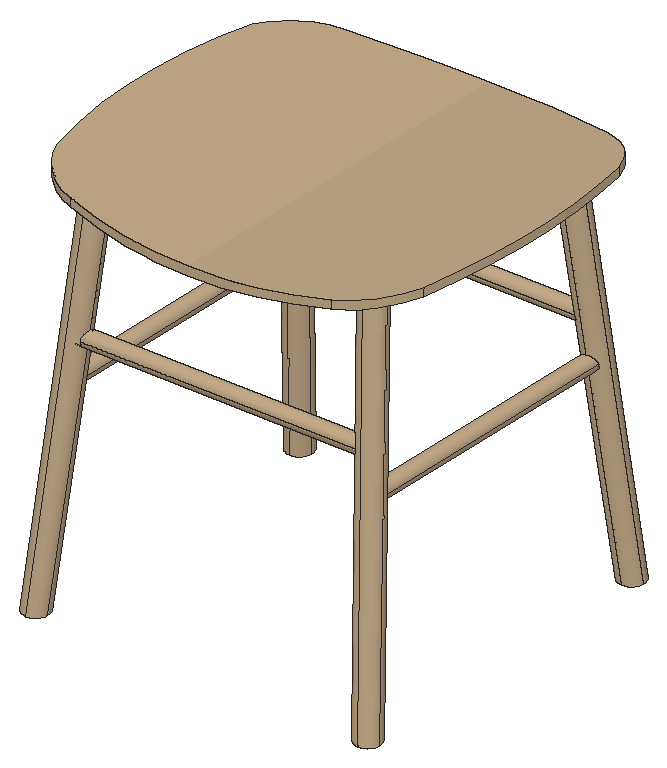
Revit family "FU_Stool_Sandler_Viki 3-17", category Furniture, Revit 2020
Family settings
  OmniClass Number = 23.40.20.00
  OmniClass Title = General Furniture and Specialties
  Work Plane-Based = No
  Always vertical = Yes
  Cut with Voids When Loaded = No
  Shared = No
  Room Calculation Point = No
Parameters (values of type "Viki 3.17")
  Width = 480 mm
  URL = "https://www.sandlerseating.com/product/viki-3-17/"
  Model = "Viki 3.17"
  Manufacturer = "Sandler"
  Height = 480 mm
  Frame [instance] = Wood - Stain - Blonde
  Description = "Stool with wooden seat on a solid beech frame with stretchers."
  Depth = 460 mm
  Default Elevation = 0 mm
Reference planes
  plane 1 "Center (Front/Back)": y = 0
  plane 2: z = 0
  plane 3 "Center (Left/Right)": x = 0
  plane 4 "Right": x = -240
  plane 5 "Left": x = 240
  plane 6 "Back": y = 230
  plane 7 "Front": y = -230
  plane 8 "Height": z = 480
  plane 9 "Seat height": z = 446.985
  plane 10 "Front Stretcher FRONT": z = 295.977
  plane 11 "Cross Stretcher RIGHT": z = 248.269
  plane 12 "Right Leg FRONT": through (-202.346, -1524, 4.255) normal (-0.9971, 0, 0.0759)
  plane 13 "Left Leg FRONT": through (202.346, -1524, 4.255) normal (-0.9971, 0, -0.0759)
  plane 14 "Front Legs RIGHT": through (4267.2, -207.342, 4.506) normal (0, -0.9937, 0.1117)
  plane 15 "Back Legs RIGHT": through (4267.2, 194.007, 4.255) normal (0, -0.9937, -0.1118)
Forms (mm)
  SweptBlend 1, solid, material "Wood - Stain - Blonde" <- "Frame"
    path origin (-201.502, 0, 15.343) x (-0.075926, 0, -0.997113) y (0, -1, 0)
      loop
        line (18.891, 208.293) -> (-444.764, 156.021)
    profile "Pro_Circles : 30mm" origin (-202.936, -208.293, -3.493) x (-0.008506, 0.993705, -0.111705) y (-0.997113, 0, 0.075926)
      loop
        arc (-14.967, 0.067) -> (-10.65, -10.556) -> (-0.067, -14.967) r 14.901
        arc (-0.067, -14.967) -> (10.603, -10.603) -> (14.967, 0.067) r 14.901
        arc (14.967, 0.067) -> (10.556, 10.65) -> (-0.067, 14.967) r 14.9
        arc (-0.067, 14.967) -> (-10.602, 10.602) -> (-14.967, 0.067) r 14.9
    end profile "Pro_Circles : 32mm" origin (-167.733, -156.021, 458.824) x (-0.008506, 0.993705, -0.111705) y (-0.997113, 0, 0.075926)
      loop
        arc (-15.967, 0.067) -> (-11.357, -11.263) -> (-0.067, -15.967) r 15.901
        arc (-0.067, -15.967) -> (11.311, -11.31) -> (15.967, 0.067) r 15.901
        arc (15.967, 0.067) -> (11.263, 11.357) -> (-0.067, 15.967) r 15.9
        arc (-0.067, 15.967) -> (-11.31, 11.31) -> (-15.967, 0.067) r 15.9
  SweptBlend 2, solid, material "Wood - Stain - Blonde" <- "Frame"
    path origin (-201.502, 0, 15.343) x (-0.075926, 0, -0.997113) y (0, -1, 0)
      loop
        line (21.919, -195.234) -> (-445.119, -142.551)
    profile "Pro_Circles : 30mm" origin (-203.166, 195.234, -6.512) x (0.008511, 0.993698, 0.111767) y (-0.997113, 0, 0.075926)
      loop
        arc (-14.967, 0.067) -> (-10.65, -10.556) -> (-0.067, -14.967) r 14.901
        arc (-0.067, -14.967) -> (10.603, -10.603) -> (14.967, 0.067) r 14.901
        arc (14.967, 0.067) -> (10.556, 10.65) -> (-0.067, 14.967) r 14.9
        arc (-0.067, 14.967) -> (-10.602, 10.602) -> (-14.967, 0.067) r 14.9
    end profile "Pro_Circles : 32mm" origin (-167.706, 142.551, 459.177) x (0.008511, 0.993698, 0.111767) y (-0.997113, 0, 0.075926)
      loop
        arc (-15.967, 0.067) -> (-11.357, -11.263) -> (-0.067, -15.967) r 15.901
        arc (-0.067, -15.967) -> (11.311, -11.31) -> (15.967, 0.067) r 15.901
        arc (15.967, 0.067) -> (11.263, 11.357) -> (-0.067, 15.967) r 15.9
        arc (-0.067, 15.967) -> (-11.31, 11.31) -> (-15.967, 0.067) r 15.9
  SweptBlend 3, solid, material "Wood - Stain - Blonde" <- "Frame"
    path origin (201.502, 0, 15.343) x (0.075926, 0, -0.997113) y (0, 1, 0)
      loop
        line (18.891, -208.293) -> (-444.764, -156.021)
    profile "Pro_Circles : 30mm" origin (202.936, -208.293, -3.493) x (-0.008506, -0.993705, 0.111705) y (0.997113, 0, 0.075926)
      loop
        arc (14.967, 0.067) -> (10.602, 10.602) -> (0.067, 14.967) r 14.9
        arc (0.067, 14.967) -> (-10.556, 10.65) -> (-14.967, 0.067) r 14.9
        arc (-14.967, 0.067) -> (-10.603, -10.603) -> (0.067, -14.967) r 14.901
        arc (0.067, -14.967) -> (10.65, -10.556) -> (14.967, 0.067) r 14.901
    end profile "Pro_Circles : 32mm" origin (167.733, -156.021, 458.824) x (-0.008506, -0.993705, 0.111705) y (0.997113, 0, 0.075926)
      loop
        arc (15.967, 0.067) -> (11.31, 11.31) -> (0.067, 15.967) r 15.9
        arc (0.067, 15.967) -> (-11.263, 11.357) -> (-15.967, 0.067) r 15.9
        arc (-15.967, 0.067) -> (-11.311, -11.31) -> (0.067, -15.967) r 15.901
        arc (0.067, -15.967) -> (11.357, -11.263) -> (15.967, 0.067) r 15.901
  Extrusion 4, solid, material "Wood - Stain - Blonde" <- "Frame"
    sketch origin (0, 0, 0) x (0, 1, 0) y (0, 0, 1)
      loop
        circle (-174.366, 295.977) r 10
    from -180 to 180
  Extrusion 5, solid, material "Wood - Stain - Blonde" <- "Frame"
    sketch origin (0, -14.295, 0) x (0, -1, 0) y (0, 0, -1)
      loop
        circle (-174.366, -295.977) r 10
    from -180 to 180
  Extrusion 6, solid, material "Wood - Stain - Blonde" <- "Frame"
    sketch origin (0, 0, 0) x (1, 0, 0) y (0, 0, 1)
      loop
        circle (-183.833, 248.269) r 10
    from -165 to 180
  Extrusion 7, solid, material "Wood - Stain - Blonde" <- "Frame"
    sketch origin (0, 0, 0) x (-1, 0, 0) y (0, 0, -1)
      loop
        circle (-183.833, -248.269) r 10
    from -165 to 180
  Sweep 8, solid, material "Wood - Stain - Blonde" <- "Frame"
    path origin (0, 0, 446.985) x (-1, 0, 0) y (0, -1, 0)
      loop
        line (0, 250) -> (0, -250)
    profile origin (0, 0, 446.985) x (-1, 0, 0) y (0, 0, 1)
      loop
        line (263.434, 27.782) -> (263.434, 37.765)
        arc (263.434, 37.765) -> (0, 10.077) -> (-263.434, 37.765) r 1267.049
        line (-263.434, 37.765) -> (-263.434, 27.782)
        arc (-263.434, 27.782) -> (0, 0) -> (263.434, 27.782) r 1262.876
  Extrusion 9, void
    sketch origin (0, 0, 446.985) x (-1, 0, 0) y (0, -1, 0)
      loop
        arc (223.586, -149) -> (240, 0) -> (223.586, 149) r 684.495
        arc (223.586, 149) -> (198.632, 187.198) -> (159, 209.806) r 97.22
        arc (159, 209.806) -> (0, 230) -> (-159, 209.806) r 636.036
        arc (-159, 209.806) -> (-198.632, 187.198) -> (-223.586, 149) r 97.22
        arc (-223.586, 149) -> (-240, 0) -> (-223.586, -149) r 684.495
        arc (-223.586, -149) -> (-198.632, -187.198) -> (-159, -209.806) r 97.22
        arc (-159, -209.806) -> (0, -230) -> (159, -209.806) r 636.036
        arc (159, -209.806) -> (198.632, -187.198) -> (223.586, -149) r 97.22
      loop
        line (-270, 260) -> (-270, -260) -> (270, -260) -> (270, 260) -> (-270, 260)
    from -5 to 45
  Sweep 10, solid, material "Metal - Black - Matte"
    path origin (0, 0, 446.985) x (-1, 0, 0) y (0, -1, 0)
      loop
        line (0, 207.5) -> (0, -207.5)
    profile origin (0, 0, 446.985) x (-1, 0, 0) y (0, 0, 1)
      loop
        arc (200, 17.031) -> (0, 1.094) -> (-200, 17.031) r 1262.876
        line (-200, 17.031) -> (-200, 12.34)
        arc (-200, 12.34) -> (0, -3.597) -> (200, 12.34) r 1262.876
        line (200, 12.34) -> (200, 17.031)
  Extrusion 11, void
    sketch origin (0, 0, 446.985) x (-1, 0, 0) y (0, -1, 0)
      loop
        line (-148.12, 140.167) -> (-148.12, -125.435) -> (148.12, -125.435) -> (148.12, 140.167) -> (-148.12, 140.167)
      loop
        arc (185.414, -151.405) -> (197.276, 4.81) -> (185.414, 161.024) r 1034.523
        arc (185.414, 161.024) -> (179.314, 173.939) -> (167.138, 181.406) r 25
        arc (167.138, 181.406) -> (0, 203.294) -> (-167.138, 181.406) r 649.072
        arc (-167.138, 181.406) -> (-179.314, 173.939) -> (-185.414, 161.024) r 25
        arc (-185.414, 161.024) -> (-197.276, 4.81) -> (-185.414, -151.405) r 1034.523
        arc (-185.414, -151.405) -> (-179.314, -164.319) -> (-167.138, -171.786) r 25
        arc (-167.138, -171.786) -> (0, -193.675) -> (167.138, -171.786) r 649.072
        arc (167.138, -171.786) -> (179.314, -164.319) -> (185.414, -151.405) r 25
      loop
        line (-206.88, 214.565) -> (-206.88, -215) -> (205, -215) -> (205, 214.565) -> (-206.88, 214.565)
    from -6.36 to 21.864
  Extrusion 12, void
    sketch origin (0, 0, 0) x (0, 1, 0) y (0, 0, 1)
      loop
        line (-230, 0) -> (-230, -10) -> (230, -10) -> (230, 0) -> (-230, 0)
    from -240 to 240
  SweptBlend 13, solid, material "Wood - Stain - Blonde" <- "Frame"
    path origin (201.502, 0, 15.343) x (0.075926, 0, -0.997113) y (0, 1, 0)
      loop
        line (21.919, 195.234) -> (-445.119, 142.551)
    profile "Pro_Circles : 30mm" origin (203.166, 195.234, -6.512) x (0.008511, -0.993698, -0.111767) y (0.997113, 0, 0.075926)
      loop
        arc (14.967, 0.067) -> (10.602, 10.602) -> (0.067, 14.967) r 14.9
        arc (0.067, 14.967) -> (-10.556, 10.65) -> (-14.967, 0.067) r 14.9
        arc (-14.967, 0.067) -> (-10.603, -10.603) -> (0.067, -14.967) r 14.901
        arc (0.067, -14.967) -> (10.65, -10.556) -> (14.967, 0.067) r 14.901
    end profile "Pro_Circles : 32mm" origin (167.706, 142.551, 459.177) x (0.008511, -0.993698, -0.111767) y (0.997113, 0, 0.075926)
      loop
        arc (15.967, 0.067) -> (11.31, 11.31) -> (0.067, 15.967) r 15.9
        arc (0.067, 15.967) -> (-11.263, 11.357) -> (-15.967, 0.067) r 15.9
        arc (-15.967, 0.067) -> (-11.311, -11.31) -> (0.067, -15.967) r 15.901
        arc (0.067, -15.967) -> (11.357, -11.263) -> (15.967, 0.067) r 15.901
Cuts and joins
  Extrusion 9 cuts Sweep 8
  Extrusion 11 cuts Sweep 10
  Extrusion 12 cuts SweptBlend 1
  Extrusion 12 cuts SweptBlend 3
  Extrusion 12 cuts SweptBlend 2
  Extrusion 12 cuts SweptBlend 13
Dimensions and locks
  equal spacing: plane 4 "Right", plane 3 "Center (Left/Right)", plane 5 "Left"
  "Width": plane 4 "Right" to plane 5 "Left"
  equal spacing: plane 6 "Back", plane 1 "Center (Front/Back)", plane 7 "Front"
  "Depth": plane 6 "Back" to plane 7 "Front"
  "Height": plane 8 "Height" to level
  plane 9 "Seat height" to level = 446.985 mm
  aligned and locked: level to plane 2
Automatic sketch dimensions
  plane 7 "Front" to SweptBlend 1 sketch curve = 73.979 mm
  plane 7 "Front" to SweptBlend 1 sketch curve = 21.707 mm
  SweptBlend 1 sketch curve to SweptBlend 1 sketch curve = 463.655 mm
  SweptBlend 2 sketch curve to plane 6 "Back" = 87.449 mm
  SweptBlend 2 sketch curve to plane 6 "Back" = 34.766 mm
  SweptBlend 2 sketch curve to SweptBlend 2 sketch curve = 467.038 mm
  plane 7 "Front" to SweptBlend 3 sketch curve = 73.979 mm
  plane 7 "Front" to SweptBlend 3 sketch curve = 21.707 mm
  SweptBlend 3 sketch curve to SweptBlend 3 sketch curve = 463.655 mm
  plane 10 "Front Stretcher FRONT" to Extrusion 4 sketch curve = 0 mm
  plane 7 "Front" to Extrusion 4 sketch curve = 55.634 mm
  plane 10 "Front Stretcher FRONT" to Extrusion 5 sketch curve = 0 mm
  plane 6 "Back" to Extrusion 5 sketch curve = 69.929 mm
  Extrusion 6 sketch curve to plane 11 "Cross Stretcher RIGHT" = 0 mm
  Extrusion 6 sketch curve to plane 4 "Right" = 56.167 mm
  Extrusion 7 sketch curve to plane 11 "Cross Stretcher RIGHT" = 0 mm
  Extrusion 7 sketch curve to plane 5 "Left" = 56.167 mm
  Sweep 8 sketch curve to plane 3 "Center (Left/Right)" = 0 mm
  plane 6 "Back" to Sweep 8 sketch curve = 20 mm
  Sweep 8 sketch curve to plane 7 "Front" = 20 mm
  Sweep 8 sketch curve to profile plane = 0 mm  (x2)
  plane 9 "Seat height" to Sweep 8 sketch curve = 37.765 mm  (x2)
  profile plane to Sweep 8 sketch curve = 263.434 mm
  Sweep 8 sketch curve to Sweep 8 sketch curve = 9.984 mm
  Sweep 8 sketch curve to Sweep 8 sketch curve = 1225.111 mm
  Sweep 8 sketch curve to Sweep 8 sketch curve = 14.251 mm
  plane 1 "Center (Front/Back)" to Extrusion 9 sketch curve = 0 mm  (x2)
  Extrusion 9 sketch curve to plane 3 "Center (Left/Right)" = 0 mm  (x2)
  plane 5 "Left" to Extrusion 9 sketch curve = 108.01 mm  (x2)
  Extrusion 9 sketch curve to plane 5 "Left" = 30 mm
  Extrusion 9 sketch curve to plane 5 "Left" = 204.495 mm
  Extrusion 9 sketch curve to plane 4 "Right" = 108.01 mm  (x2)
  plane 4 "Right" to Extrusion 9 sketch curve = 30 mm
  plane 4 "Right" to Extrusion 9 sketch curve = 204.495 mm
  Extrusion 9 sketch curve to plane 6 "Back" = 113.587 mm  (x2)
  plane 6 "Back" to Extrusion 9 sketch curve = 30 mm
  plane 6 "Back" to Extrusion 9 sketch curve = 176.036 mm
  plane 7 "Front" to Extrusion 9 sketch curve = 113.587 mm
  plane 1 "Center (Front/Back)" to Extrusion 9 sketch curve = 116.413 mm
  Extrusion 9 sketch curve to plane 7 "Front" = 30 mm
  Extrusion 9 sketch curve to plane 7 "Front" = 176.036 mm
  Extrusion 9 sketch curve to plane 6 "Back" = 20.194 mm  (x2)
  plane 5 "Left" to Extrusion 9 sketch curve = 81 mm
  plane 7 "Front" to Extrusion 9 sketch curve = 20.194 mm  (x2)
  Extrusion 9 sketch curve to Extrusion 9 sketch curve = 27.01 mm
  plane 5 "Left" to Extrusion 9 sketch curve = 16.414 mm
  Extrusion 9 sketch curve to plane 4 "Right" = 16.414 mm
  Sweep 10 sketch curve to plane 3 "Center (Left/Right)" = 0 mm
  Sweep 10 sketch curve to plane 6 "Back" = 22.5 mm
  plane 7 "Front" to Sweep 10 sketch curve = 22.5 mm
  Sweep 10 sketch curve to profile plane = 0 mm  (x2)
  plane 9 "Seat height" to Sweep 10 sketch curve = 17.031 mm  (x2)
  profile plane to Sweep 10 sketch curve = 200 mm
  Sweep 10 sketch curve to Sweep 10 sketch curve = 4.691 mm  (x2)
  Sweep 10 sketch curve to Sweep 10 sketch curve = 1242.248 mm
  Extrusion 12 sketch curve to plane 7 "Front" = 0 mm
  Extrusion 12 sketch curve to plane 6 "Back" = 0 mm
  Extrusion 12 sketch curve to level = 0 mm
  Extrusion 12 sketch curve to level = 10 mm
  SweptBlend 13 sketch curve to plane 6 "Back" = 87.449 mm
  SweptBlend 13 sketch curve to plane 6 "Back" = 34.766 mm
  SweptBlend 13 sketch curve to SweptBlend 13 sketch curve = 467.038 mm
  Extrusion 11 sketch curve to plane 3 "Center (Left/Right)" = 0 mm  (x2)
  plane 5 "Left" to Extrusion 11 sketch curve = 91.88 mm
  Extrusion 11 sketch curve to Extrusion 11 sketch curve = 12.581 mm  (x4)
  Extrusion 11 sketch curve to plane 6 "Back" = 15 mm
  plane 5 "Left" to Extrusion 11 sketch curve = 33.12 mm
  plane 1 "Center (Front/Back)" to Extrusion 11 sketch curve = 4.81 mm  (x2)
  Extrusion 11 sketch curve to plane 5 "Left" = 597.247 mm
  plane 7 "Front" to Extrusion 11 sketch curve = 15.435 mm
  Extrusion 11 sketch curve to plane 4 "Right" = 35 mm
  plane 6 "Back" to Extrusion 11 sketch curve = 215.778 mm
  Extrusion 11 sketch curve to Extrusion 11 sketch curve = 67.37 mm  (x2)
  Extrusion 11 sketch curve to Extrusion 11 sketch curve = 22.194 mm
  plane 7 "Front" to Extrusion 11 sketch curve = 89.833 mm
  Extrusion 11 sketch curve to Extrusion 11 sketch curve = 17.082 mm  (x2)
  Extrusion 11 sketch curve to Extrusion 11 sketch curve = 6.438 mm  (x3)
  Extrusion 11 sketch curve to Extrusion 11 sketch curve = 0 mm  (x7)
  Extrusion 11 sketch curve to Extrusion 11 sketch curve = 24.713 mm
  radius of Extrusion 4 sketch curve = 10 mm
  radius of Extrusion 5 sketch curve = 10 mm
  radius of Extrusion 6 sketch curve = 10 mm
  radius of Extrusion 7 sketch curve = 10 mm
